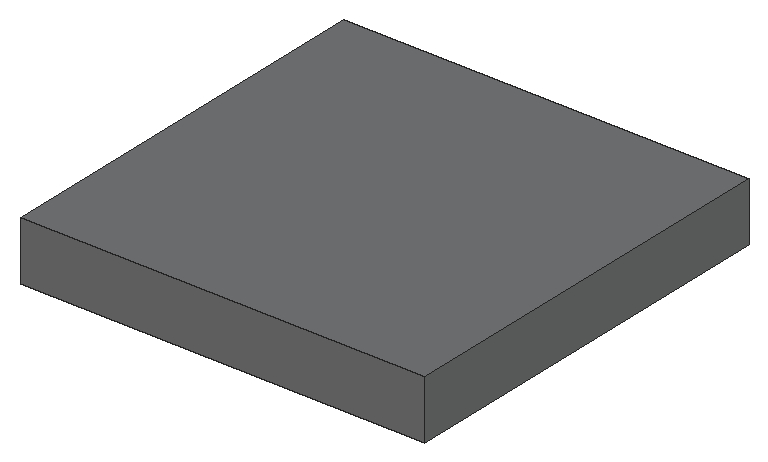
Revit family "Gira_086903", category Electrical Fixtures, host Face, Revit 2017
Family settings
  Host = Face
  Maintain Annotation Orientation = No
  Round Connector Dimension = Use Diameter
  Part Type = Normal
  Cut with Voids When Loaded = No
  Shared = No
  Room Calculation Point = No
Parameters (values of type "Cov. coax.antenna sock. System 55 p.white")
  With strain relief = "No"
  With imprint = "No"
  With hinged lid = "No"
  With dust cover = "No"
  URL = "http://katalog.gira.de/en/datenblatt.html?artikelnr=086903"
  Type of fastening = "Mounting with screw"
  Transparent = "No"
  Surface protection = "Other"
  Surface finishing = "Glossy"
  Support ring = "No"
  Suitable for degree of protection (IP) = "IP20"
  RAL-number (akin) = "9010"
  Name = "Cov. coax.antenna sock. System 55 p.white"
  Mounting method = "Flush mounted (plaster)"
  Material quality = "Thermoplastic"
  Material = "Plastic"
  Manufacturer URL = "https://www.gira.de/"
  Manufacturer = "Gira"
  Luster terminal = "No"
  Keynote = ""
  Imprintable label = "Without indication field"
  HeinzeBIM = "https://bimportal.heinze.de/bim/cov-coax-antenna-sock-system-55-p-white/3ead357e3d1110b64b02f9928996c7c61ba8526b"
  Halogen free = "Yes"
  HAN = "086903"
  GTIN = "4010337009504"
  Description = "Cov.coax Sys55 PW,Cover for coaxial antenna socket,,pure white glossy,Features:,- Third hole can be broken out.,,Notes :,- For screw mounting only."
  Default Elevation = 1219.2 mm
  Data sheet (1) = "https://katalog.gira.de/en/download.html?artikelnr=086903"
  Colour = "White"
  Category = "Insert/cover for communication technology"
  BIM (1) = "https://media.stage.bim.site/public/gira/36a6b08/Sys55_Abdeckung_Schalten und Tasten.rfa?public/gira/36a6b08/Sys55_Abdeckung_Schalten und Tasten.rfa"
  Available = "No"
  Assembly arrangement = "Central cover plate"
  Anthrazit [instance] = Anthrazit
Reference planes
  plane 1 "Center (Front/Back)": y = 0
  plane 2: z = 0
  plane 3 "Center (Left/Right)": x = 0
Forms (mm)
  Extrusion 1, solid, material "Anthrazit" <- "Anthrazit", detail levels fine
    sketch origin (0, 0, 0) x (1, 0, 0) y (0, 1, 0)
      loop
        line (-27.5, 27.5) -> (-27.5, -27.5) -> (27.5, -27.5) -> (27.5, 27.5) -> (-27.5, 27.5)
    from 0 to 8
  Extrusion 2, void
    sketch origin (0, 0, 0) x (1, 0, 0) y (0, 1, 0)
      loop
        line (26, 26) -> (-26, 26) -> (-26, -26) -> (26, -26) -> (26, 26)
    from 0 to 6
  Extrusion 3, solid, material "Anthrazit" <- "Anthrazit", detail levels medium
    sketch origin (0, 0, 0) x (1, 0, 0) y (0, 1, 0)
      loop
        line (-27.5, 27.5) -> (-27.5, -27.5) -> (27.5, -27.5) -> (27.5, 27.5) -> (-27.5, 27.5)
    from 0 to 8
  Extrusion 4, solid, material "Anthrazit" <- "Anthrazit", detail levels medium
    sketch origin (0, 0, 0) x (1, 0, 0) y (0, 1, 0)
      loop
        line (11, -17.5) -> (11, 17.5) -> (-11, 17.5) -> (-11, -17.5) -> (11, -17.5)
    from -6 to 6
  Extrusion 5, solid, material "Anthrazit" <- "Anthrazit", detail levels fine
    sketch origin (0, 0, 0) x (1, 0, 0) y (0, 1, 0)
      loop
        line (11, 17.5) -> (-11, 17.5) -> (-11, 16.5) -> (11, 16.5) -> (11, 17.5)
      loop
        line (-11, -16.5) -> (-11, -17.5) -> (11, -17.5) -> (11, -16.5) -> (-11, -16.5)
    from -4 to 6
  Extrusion 6, solid, material "Anthrazit" <- "Anthrazit", detail levels fine
    sketch origin (0, 0, 0) x (1, 0, 0) y (0, 1, 0)
      loop
        arc (5, 9.347) -> (0, 10.6) -> (-5, 9.347) r 10.6
        line (-5, 9.347) -> (-5, -9.347)
        arc (-5, -9.347) -> (0, -10.6) -> (5, -9.347) r 10.6
        line (5, -9.347) -> (5, 9.347)
    from -6 to 6
  Extrusion 7, solid, material "Anthrazit" <- "Anthrazit", detail levels coarse
    sketch origin (0, 0, 0) x (1, 0, 0) y (0, 1, 0)
      loop
        line (-27.5, 27.5) -> (-27.5, -27.5) -> (27.5, -27.5) -> (27.5, 27.5) -> (-27.5, 27.5)
    from -6 to 8
Cuts and joins
  Extrusion 2 cuts Extrusion 1
Dimensions and locks
  aligned and locked: plane 2 to host face
  aligned and locked: level to host face
